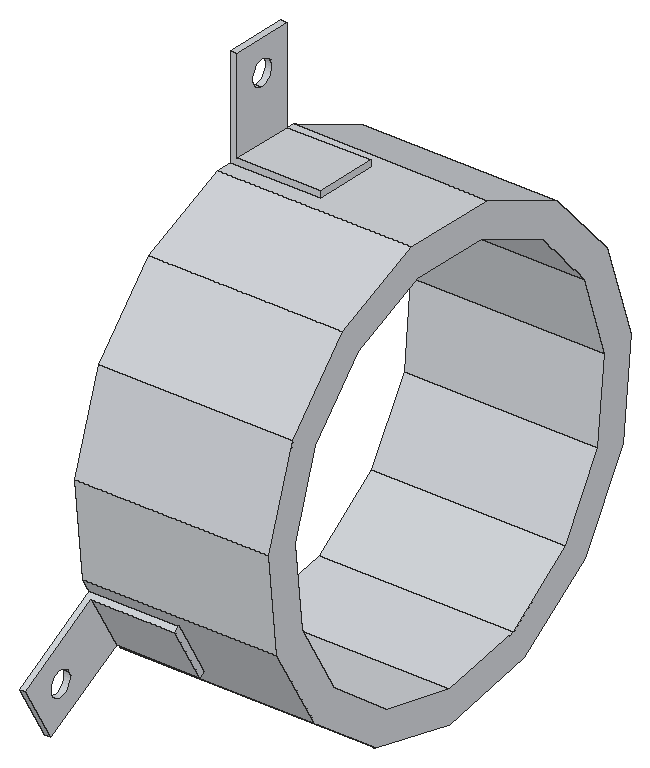
Revit family "110R", category Pipe Accessories, Revit 2019
Family settings
  Round Connector Dimension = Use Diameter
  Part Type = Breaks Into
  Work Plane-Based = No
  Always vertical = No
  Cut with Voids When Loaded = No
  Shared = No
Parameters
  URL = "https://www.snapcollars.com.au/"
  Model = "110R"
  Manufacturer = "Snap Fire Systems"
  Description = "The 110R is a metal, retro-fit fire collar for fire-rated plasterboard, concrete and masonry walls, and concrete floor slabs."
Reference planes
  plane 1 "Center (Front/Back)": y = 0
  plane 2: z = 0
  plane 3 "Center (Left/Right)": x = -139.129
  plane 4: x = -230
  plane 5: x = -188.636
  plane 6: x = -190
Forms (mm)
  Extrusion 1, solid, material "PVC-White", not visible, detail levels fine
    sketch origin (0, 0, 0) x (1, 0, 0) y (0, 0, 1)
      loop
        line (-80, 60.418) -> (-227.967, 86.048) -> (-227.967, 69.12) -> (-80, 60.418)
    from -1.5 to 1.5
  Extrusion 2, solid, material "PVC-White", not visible, detail levels fine
    sketch origin (0, 0, 0) x (1, 0, 0) y (0, -0.5, 0.866025)
      loop
        line (-80, 60.418) -> (-227.967, 86.048) -> (-227.967, 69.12) -> (-80, 60.418)
    from -1.5 to 1.5
  Extrusion 3, solid, material "PVC-White", not visible, detail levels fine
    sketch origin (0, 0, 0) x (1, 0, 0) y (0, -0.866025, 0.5)
      loop
        line (-80, 60.418) -> (-227.967, 86.048) -> (-227.967, 69.12) -> (-80, 60.418)
    from -1.5 to 1.5
  Extrusion 4, solid, material "PVC-White", not visible, detail levels fine
    sketch origin (0, 0, 0) x (0, -1, 0) y (-1, 0, 0)
      loop
        line (60.418, 80) -> (86.048, 227.967) -> (69.12, 227.967) -> (60.418, 80)
    from -1.5 to 1.5
  Extrusion 5, solid, material "PVC-White", not visible, detail levels fine
    sketch origin (0, 0, 0) x (1, 0, 0) y (0, -0.866025, -0.5)
      loop
        line (-80, 60.418) -> (-227.967, 86.048) -> (-227.967, 69.12) -> (-80, 60.418)
    from -1.5 to 1.5
  Extrusion 6, solid, material "PVC-White", not visible, detail levels fine
    sketch origin (0, 0, 0) x (1, 0, 0) y (0, -0.5, -0.866025)
      loop
        line (-80, 60.418) -> (-227.967, 86.048) -> (-227.967, 69.12) -> (-80, 60.418)
    from -1.5 to 1.5
  Extrusion 7, solid, material "PVC-White", not visible, detail levels fine
    sketch origin (0, 0, 0) x (1, 0, 0) y (0, 0, -1)
      loop
        line (-80, 60.418) -> (-227.967, 86.048) -> (-227.967, 69.12) -> (-80, 60.418)
    from -1.5 to 1.5
  Extrusion 8, solid, material "PVC-White", not visible, detail levels fine
    sketch origin (0, 0, 0) x (1, 0, 0) y (0, 0.5, -0.866025)
      loop
        line (-80, 60.418) -> (-227.967, 86.048) -> (-227.967, 69.12) -> (-80, 60.418)
    from -1.5 to 1.5
  Extrusion 9, solid, material "PVC-White", not visible, detail levels fine
    sketch origin (0, 0, 0) x (1, 0, 0) y (0, 0.866025, -0.5)
      loop
        line (-80, 60.418) -> (-227.967, 86.048) -> (-227.967, 69.12) -> (-80, 60.418)
    from -1.5 to 1.5
  Extrusion 10, solid, material "PVC-White", not visible, detail levels fine
    sketch origin (0, 0, 0) x (1, 0, 0) y (0, 1, 0)
      loop
        line (-80, 60.418) -> (-227.967, 86.048) -> (-227.967, 69.12) -> (-80, 60.418)
    from -1.5 to 1.5
  Extrusion 11, solid, material "PVC-White", not visible, detail levels fine
    sketch origin (0, 0, 0) x (1, 0, 0) y (0, 0.866025, 0.5)
      loop
        line (-80, 60.418) -> (-227.967, 86.048) -> (-227.967, 69.12) -> (-80, 60.418)
    from -1.5 to 1.5
  Extrusion 12, solid, material "PVC-White", not visible, detail levels fine
    sketch origin (0, 0, 0) x (1, 0, 0) y (0, 0.5, 0.866025)
      loop
        line (-80, 60.418) -> (-227.967, 86.048) -> (-227.967, 69.12) -> (-80, 60.418)
    from -1.5 to 1.5
  Extrusion 13, solid
    sketch origin (-230, 2000, 1200) x (0, 1, 0) y (0, 0, 1)
      loop
        line (-2012.966, -1139) -> (-2036.656, -1149.547) -> (-2054.008, -1168.819) -> (-2062.021, -1193.481) -> (-2059.311, -1219.271) -> (-2046.345, -1241.729) -> (-2025.365, -1256.971) -> (-2000, -1262.363) -> (-1974.635, -1256.971) -> (-1953.655, -1241.729) -> (-1940.689, -1219.271) -> (-1937.979, -1193.481) -> (-1945.992, -1168.819) -> (-1963.344, -1149.547) -> (-1987.034, -1139) -> (-2012.966, -1139)
      loop
        line (-2015.092, -1129) -> (-2042.665, -1141.277) -> (-2062.861, -1163.707) -> (-2072.189, -1192.413) -> (-2069.034, -1222.43) -> (-2053.942, -1248.57) -> (-2029.523, -1266.311) -> (-2000, -1272.586) -> (-1970.477, -1266.311) -> (-1946.058, -1248.57) -> (-1930.966, -1222.43) -> (-1927.811, -1192.413) -> (-1937.139, -1163.707) -> (-1957.335, -1141.277) -> (-1984.908, -1129) -> (-2015.092, -1129)
    from 0 to 62
  Extrusion 14, solid, not visible
    sketch origin (-230, 23.225, 34.758) x (0, -0.92388, 0.382683) y (1, 0, 0)
      loop
        line (16.311, 91) -> (0, 91) -> (0, 65) -> (16.311, 65) -> (16.311, 91)
    from 0 to 3
  Extrusion 15, solid, not visible
    sketch origin (-230, 24.373, 37.53) x (0, -0.92388, 0.382683) y (1, 0, 0)
      loop
        line (16.311, 91) -> (0, 91) -> (0, 88) -> (16.311, 88) -> (16.311, 91)
    from 0 to 21
  Extrusion 16, solid, not visible
    sketch origin (-230, 29.556, 29.418) x (0, -0.828512, 0.559971) y (1, 0, 0)
      loop
        line (16.311, 91) -> (0, 91) -> (0, 65) -> (16.311, 65) -> (16.311, 91)
    from 0 to 3
  Extrusion 17, solid, not visible
    sketch origin (-230, 31.236, 31.904) x (0, -0.828512, 0.559971) y (1, 0, 0)
      loop
        line (16.311, 91) -> (0, 91) -> (0, 88) -> (16.311, 88) -> (16.311, 91)
    from 0 to 21
  Extrusion 18, solid, not visible
    sketch origin (-230, -15.852, 38.571) x (0, -0.83464, -0.550797) y (1, 0, 0)
      loop
        line (16.311, 91) -> (0, 91) -> (0, 65) -> (16.311, 65) -> (16.311, 91)
    from 0 to 3
  Extrusion 19, solid, not visible
    sketch origin (-230, -17.504, 41.075) x (0, -0.83464, -0.550797) y (1, 0, 0)
      loop
        line (16.311, 91) -> (0, 91) -> (0, 88) -> (16.311, 88) -> (16.311, 91)
    from 0 to 21
  Extrusion 20, solid, not visible
    sketch origin (-230, 29.261, -29.712) x (0, 0.564361, 0.825528) y (1, 0, 0)
      loop
        line (16.311, 91) -> (0, 91) -> (0, 65) -> (16.311, 65) -> (16.311, 91)
    from 0 to 3
  Extrusion 21, solid, not visible
    sketch origin (-230, 31.738, -31.405) x (0, 0.564361, 0.825528) y (1, 0, 0)
      loop
        line (16.311, 91) -> (0, 91) -> (0, 88) -> (16.311, 88) -> (16.311, 91)
    from 0 to 21
  Extrusion 22, solid, not visible
    sketch origin (-230, -38.657, -15.64) x (0, 0.54621, -0.837649) y (1, 0, 0)
      loop
        line (16.311, 91) -> (0, 91) -> (0, 65) -> (16.311, 65) -> (16.311, 91)
    from 0 to 3
  Extrusion 23, solid, not visible
    sketch origin (-230, -41.17, -17.279) x (0, 0.54621, -0.837649) y (1, 0, 0)
      loop
        line (16.311, 91) -> (0, 91) -> (0, 88) -> (16.311, 88) -> (16.311, 91)
    from 0 to 21
  Extrusion 24, solid
    sketch origin (0, 0, 54.882) x (1, 0, 0) y (0, 0, 1)
      loop
        line (-201.343, 16.118) -> (-201.343, 18.118) -> (-228.024, 18.118) -> (-228.024, 48.118) -> (-230, 48.118) -> (-230, 16.118) -> (-201.343, 16.118)
    from -10 to 10
  Extrusion 25, void
    sketch origin (-228.024, 0, 107.882) x (0, 0, -1) y (0, 1, 0)
      loop
        circle (14.882, 0) r 4
    from -10.829 to 2.558
  Extrusion 26, solid, not visible
    sketch origin (0, 0, 54.882) x (1, 0, 0) y (0, 0, 1)
      loop
        line (-201.343, 16.118) -> (-201.343, 18.118) -> (-228.024, 18.118) -> (-228.024, 48.118) -> (-230, 48.118) -> (-230, 16.118) -> (-201.343, 16.118)
    from -10 to 10
  Extrusion 27, void, not visible
    sketch origin (-228.024, 0, 107.882) x (0, 0, -1) y (0, 1, 0)
      loop
        circle (14.882, 0) r 4
    from -10.829 to 2.558
  Extrusion 28, solid
    sketch origin (0, -47.529, -27.441) x (1, 0, 0) y (0, -0.866025, -0.5)
      loop
        line (-201.343, 16.118) -> (-201.343, 18.118) -> (-228.024, 18.118) -> (-228.024, 48.118) -> (-230, 48.118) -> (-230, 16.118) -> (-201.343, 16.118)
    from -10 to 10
  Extrusion 29, void
    sketch origin (-228.024, -93.429, -53.941) x (0, 0.866025, 0.5) y (0, -0.5, 0.866025)
      loop
        circle (14.882, 0) r 4
    from -10.829 to 2.558
  Extrusion 30, solid
    sketch origin (0, 47.529, -27.441) x (1, 0, 0) y (0, 0.866025, -0.5)
      loop
        line (-201.343, 16.118) -> (-201.343, 18.118) -> (-228.024, 18.118) -> (-228.024, 48.118) -> (-230, 48.118) -> (-230, 16.118) -> (-201.343, 16.118)
    from -10 to 10
  Extrusion 31, void
    sketch origin (-228.024, 93.429, -53.941) x (0, -0.866025, 0.5) y (0, -0.5, -0.866025)
      loop
        circle (14.882, 0) r 4
    from -10.829 to 2.558
Cuts and joins
  Extrusion 25, Extrusion 29 cuts Extrusion 24
  Extrusion 29 cuts Extrusion 28
  Extrusion 31 cuts Extrusion 30
Lines and regions (mm)
  model lines
    curve 1: circle (-230, 0, 0) r 61 normal (1, 0, 0)
    curve 2: circle (-230, 0, 0) r 93 normal (1, 0, 0)
    curve 3: circle (-230, 0, 0) r 103 normal (1, 0, 0)
Dimensions and locks
  locked: plane 4 to plane 3 "Center (Left/Right)" at 90.871
  Extrusion 1 sketch curve to Extrusion 1 sketch curve = 0 mm
  Extrusion 2 sketch curve to Extrusion 2 sketch curve = 0 mm
  Extrusion 3 sketch curve to Extrusion 3 sketch curve = 0 mm
  Extrusion 4 sketch curve to Extrusion 4 sketch curve = 0 mm
  Extrusion 5 sketch curve to Extrusion 5 sketch curve = 0 mm
  Extrusion 6 sketch curve to Extrusion 6 sketch curve = 0 mm
  Extrusion 7 sketch curve to Extrusion 7 sketch curve = 0 mm
  Extrusion 8 sketch curve to Extrusion 8 sketch curve = 0 mm
  Extrusion 9 sketch curve to Extrusion 9 sketch curve = 0 mm
  Extrusion 10 sketch curve to Extrusion 10 sketch curve = 0 mm
  Extrusion 11 sketch curve to Extrusion 11 sketch curve = 0 mm
  Extrusion 12 sketch curve to Extrusion 12 sketch curve = 0 mm
  aligned and locked: level to plane 2
Connectors
  piping at (-190, 0, 0), diameter 122
    settings: on plane 6, index 4, connector inside diameter 609.6 mm, connector length 0 mm, flow factor 0, pipe flow 0.0 L/s, pressure drop 0.0 Pa, fitting loss kfactor 0, connector angle 0.00°, fixture units 0, engagement length 0 mm, angle of deflection 0.00°, flow configuration 0, flow direction 0, fitting loss method 0, system type 7, joint type 0, gender type 0, connector reference index -1, connector utility 0, adjustable connector no, is connector primary yes, connector description ""
  piping at (-188.636, 0, 0), diameter 122
    settings: on plane 5, index 5, connector inside diameter 609.6 mm, connector length 0 mm, flow factor 0, pipe flow 0.0 L/s, pressure drop 0.0 Pa, fitting loss kfactor 0, connector angle 0.00°, fixture units 0, engagement length 0 mm, angle of deflection 0.00°, flow configuration 0, flow direction 0, fitting loss method 0, system type 7, joint type 0, gender type 0, connector reference index -1, connector utility 0, adjustable connector no, is connector primary no, connector description ""
